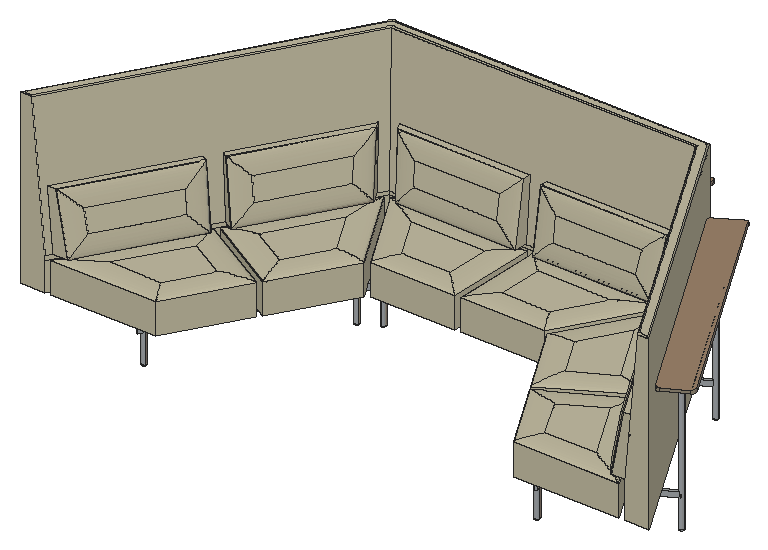
Revit family "Reveal High Back 980-173AS", category Furniture, Revit 2016
Family settings
  OmniClass Number = 23.40.20.00
  OmniClass Title = General Furniture and Specialties
  Work Plane-Based = No
  Always vertical = Yes
  Cut with Voids When Loaded = No
  Shared = No
  Room Calculation Point = No
Parameters
  URL = "http://www.martinbrattrud.com"
  Table Top [instance] = MB Wood Cherry
  SCS Certified Product = "Yes"
  Model = "Reveal 980-173AS"
  Manufacturer = "Martin Brattrud, Inc."
  Leg = none
  Keynote = "125000"
  Copyright = "© 2013 Martin Brattrud, Inc."
  Chair [instance] = none
  Back Cushion [instance] = none
  Authoring Version = "Revit Architecture 2010"
  Assembly Code = "E2020200"
Reference planes
  plane 1 "Center Front/Back": y = 0
  plane 2: z = 0
  plane 3 "Center Left/Right": x = 0
Forms (mm)
  Sweep 1, solid, material <- "Chair"
    path in 3D
      loop
        line (2035.136, -1442.448, 1365.25) -> (1013.827, 326.51, 1365.25) -> (-1013.827, 326.51, 1365.25) -> (-2035.136, -1442.448, 1365.25)
    profile origin (0, 326.51, 1365.25) x (0, -1, 0) y (0, 0, 1)
      loop
        line (-7.144, 6.35) -> (-56.78, 6.35)
        arc (-56.78, 6.35) -> (-61.27, 4.49) -> (-63.13, 0) r 6.35
        line (-63.13, 0) -> (-0.794, 0)
        arc (-0.794, 0) -> (-2.654, 4.49) -> (-7.144, 6.35) r 6.35
  Sweep 2, solid, material <- "Chair"
    path in 3D
      loop
        line (-19.05, -390.525, 431.8) -> (-19.05, 212.725, 431.8) -> (-926.137, 212.725, 431.8) -> (-577.85, -390.525, 431.8) -> (-19.05, -390.525, 431.8)
    profile origin (-298.45, -390.525, 431.8) x (0, 1, 0) y (0, 0, 1)
      loop
        line (153.194, 0) -> (153.194, 19.05)
        spline (153.194, 19.05) -> (133.302, 18.887) -> (113.75, 18.401) -> (94.873, 17.6) -> (76.994, 16.498) -> (60.419, 15.113) -> (45.431, 13.47) -> (32.287, 11.597) -> (21.211, 9.525) -> (12.395, 7.29) -> (5.987, 4.931) -> (2.098, 2.487) -> (0.794, 0)
        line (0.794, 0) -> (153.194, 0)
  Extrusion 3, void
    sketch origin (0, -938.609, 558.8) x (0, 1, 0) y (0, 0, 1)
      loop
        line (-471.831, 806.45) -> (-471.037, 806.45)
        arc (-471.037, 806.45) -> (-469.178, 810.94) -> (-464.687, 812.8) r 6.35
        line (-464.687, 812.8) -> (-464.687, 819.15) -> (-560.731, 819.15) -> (-560.731, -330.2) -> (-471.831, -330.2) -> (-471.831, 806.45)
    from -2133.6 to 2133.6
  Extrusion 4, solid, material <- "Leg"
    sketch origin (0, 0, 0) x (1, 0, 0) y (0, 1, 0)
      loop
        line (-603.25, 492.125) -> (-603.25, 146.05) -> (-909.639, 146.05) -> (-1062.833, -119.29) -> (-1362.543, 53.747) -> (-1372.068, 37.249) -> (-1072.358, -135.788) -> (-1656.558, -1147.652) -> (-1956.268, -974.615) -> (-1965.793, -991.113) -> (-1319.63, -1364.175) -> (-1333.917, -1388.922) -> (-1317.419, -1398.447) -> (-667.671, -273.05) -> (667.671, -273.05) -> (1317.419, -1398.447) -> (1333.917, -1388.922) -> (1319.63, -1364.175) -> (1965.793, -991.113) -> (1956.268, -974.615) -> (1656.558, -1147.652) -> (1072.358, -135.788) -> (1372.068, 37.249) -> (1362.543, 53.747) -> (1062.833, -119.29) -> (909.639, 146.05) -> (603.25, 146.05) -> (603.25, 492.125) -> (584.2, 492.125) -> (584.2, 146.05) -> (-584.2, 146.05) -> (-584.2, 492.125) -> (-603.25, 492.125)
      loop
        line (-584.2, -254) -> (-127, -254) -> (-127, 127) -> (-584.2, 127) -> (-584.2, -254)
      loop
        line (-603.25, -254) -> (-603.25, 127) -> (-898.64, 127) -> (-1046.335, -128.815) -> (-716.38, -319.315) -> (-678.67, -254) -> (-603.25, -254)
      loop
        line (-107.95, 127) -> (-107.95, -254) -> (107.95, -254) -> (107.95, 127) -> (-107.95, 127)
      loop
        line (584.2, -254) -> (584.2, 127) -> (127, 127) -> (127, -254) -> (584.2, -254)
      loop
        line (-725.905, -335.813) -> (-1055.86, -145.313) -> (-1284.46, -541.26) -> (-954.505, -731.76) -> (-725.905, -335.813)
      loop
        line (-1401.935, -744.733) -> (-1071.98, -935.233) -> (-964.03, -748.258) -> (-1293.985, -557.758) -> (-1401.935, -744.733)
      loop
        line (-1081.505, -951.731) -> (-1411.46, -761.231) -> (-1640.06, -1157.177) -> (-1310.105, -1347.677) -> (-1081.505, -951.731)
      loop
        line (603.25, -254) -> (678.67, -254) -> (716.38, -319.315) -> (1046.335, -128.815) -> (898.64, 127) -> (603.25, 127) -> (603.25, -254)
      loop
        line (725.905, -335.813) -> (954.505, -731.76) -> (1284.46, -541.26) -> (1055.86, -145.313) -> (725.905, -335.813)
      loop
        line (1401.935, -744.733) -> (1293.985, -557.758) -> (964.03, -748.258) -> (1071.98, -935.233) -> (1401.935, -744.733)
      loop
        line (1081.505, -951.731) -> (1310.105, -1347.677) -> (1640.06, -1157.177) -> (1411.46, -761.231) -> (1081.505, -951.731)
    from 190.472 to 228.6
  Extrusion 5, solid, material <- "Leg"
    sketch origin (0, 0, 0) x (1, 0, 0) y (0, 1, 0)
      loop
        line (-584.2, 276.225) -> (584.2, 276.225) -> (584.2, 352.425) -> (-584.2, 352.425) -> (-584.2, 276.225)
      loop
        line (-1769.293, -1082.565) -> (-1185.093, -70.701) -> (-1251.084, -32.601) -> (-1835.284, -1044.465) -> (-1769.293, -1082.565)
      loop
        line (1769.293, -1082.565) -> (1835.284, -1044.465) -> (1251.084, -32.601) -> (1185.093, -70.701) -> (1769.293, -1082.565)
    from 203.2 to 228.6
  Sweep 6, solid, material <- "Chair"
    path origin (0, 0, 0) x (1, 0, 0) y (0, 1, 0)
      loop
        line (2090.574, -1410.441) -> (1050.786, 390.525) -> (-1050.786, 390.525) -> (-2090.574, -1410.441)
    profile origin (0, 390.525, 0) x (0, -1, 0) y (0, 0, 1)
      loop
        line (0, 1365.25) -> (0, 228.6) -> (139.7, 228.6) -> (139.7, 419.466)
        arc (139.7, 419.466) -> (139.451, 431.792) -> (138.703, 444.098) r 304.8
        line (138.703, 444.098) -> (64.015, 1365.25) -> (0, 1365.25)
  Extrusion 7, solid, material <- "Chair"
    sketch origin (0, 0, 0) x (1, 0, 0) y (0, 1, 0)
      loop
        line (-1431.725, -624.881) -> (-1885.269, -1410.441) -> (-1188.696, -1410.441) -> (-909.296, -926.506) -> (-1431.725, -624.881)
      loop
        line (-610.846, -409.575) -> (-959.132, 193.675) -> (-1412.675, -591.885) -> (-890.246, -893.51) -> (-610.846, -409.575)
      loop
        line (-926.137, 212.725) -> (-577.85, -390.525) -> (-19.05, -390.525) -> (-19.05, 212.725) -> (-926.137, 212.725)
      loop
        line (1431.725, -624.881) -> (909.296, -926.506) -> (1188.696, -1410.441) -> (1885.269, -1410.441) -> (1431.725, -624.881)
      loop
        line (610.846, -409.575) -> (890.246, -893.51) -> (1412.675, -591.885) -> (959.132, 193.675) -> (610.846, -409.575)
      loop
        line (926.137, 212.725) -> (19.05, 212.725) -> (19.05, -390.525) -> (577.85, -390.525) -> (926.137, 212.725)
    from 228.6 to 431.8
  Extrusion 8, solid, material <- "Chair"
    sketch origin (0, 0, 0) x (1, 0, 0) y (0, 1, 0)
      loop
        line (-660.797, 59.531) -> (-489.404, -237.331) -> (-172.244, -237.331) -> (-172.244, 59.531) -> (-660.797, 59.531)
    from 431.8 to 450.85
  Sweep 9, solid, material <- "Chair"
    path in 3D
      loop
        line (19.05, -390.525, 431.8) -> (19.05, 212.725, 431.8) -> (926.137, 212.725, 431.8) -> (577.85, -390.525, 431.8) -> (19.05, -390.525, 431.8)
    profile origin (298.45, -390.525, 431.8) x (0, -1, 0) y (0, 0, 1)
      loop
        line (-153.194, 0) -> (-0.794, 0)
        spline (-0.794, 0) -> (-2.098, 2.487) -> (-5.987, 4.931) -> (-12.395, 7.29) -> (-21.211, 9.525) -> (-32.287, 11.597) -> (-45.431, 13.47) -> (-60.419, 15.113) -> (-76.994, 16.498) -> (-94.873, 17.6) -> (-113.75, 18.401) -> (-133.302, 18.887) -> (-153.194, 19.05)
        line (-153.194, 19.05) -> (-153.194, 0)
  Extrusion 10, solid, material <- "Chair"
    sketch origin (0, 0, 0) x (-1, 0, 0) y (0, -1, 0)
      loop
        line (-660.797, -59.531) -> (-172.244, -59.531) -> (-172.244, 237.331) -> (-489.404, 237.331) -> (-660.797, -59.531)
    from 431.8 to 450.85
  Sweep 11, solid, material <- "Chair"
    path in 3D
      loop
        line (-909.296, -926.506, 431.8) -> (-1431.725, -624.881, 431.8) -> (-1885.269, -1410.441, 431.8) -> (-1188.696, -1410.441, 431.8) -> (-909.296, -926.506, 431.8)
    profile origin (-1048.996, -1168.473, 431.8) x (-0.866025, 0.5, 0) y (0, 0, 1)
      loop
        line (153.194, 0) -> (153.194, 19.05)
        spline (153.194, 19.05) -> (133.302, 18.887) -> (113.75, 18.401) -> (94.873, 17.6) -> (76.994, 16.498) -> (60.419, 15.113) -> (45.431, 13.47) -> (32.287, 11.597) -> (21.211, 9.525) -> (12.395, 7.29) -> (5.987, 4.931) -> (2.098, 2.487) -> (0.794, 0)
        line (0.794, 0) -> (153.194, 0)
  Extrusion 12, solid, material <- "Chair"
    sketch origin (-1237.975, -714.745, 0) x (0.5, 0.866025, 0) y (-0.866025, 0.5, 0)
      loop
        line (-660.797, 59.531) -> (-489.404, -237.331) -> (-172.244, -237.331) -> (-172.244, 59.531) -> (-660.797, 59.531)
    from 431.8 to 450.85
  Sweep 13, solid, material <- "Chair"
    path in 3D
      loop
        line (-890.246, -893.51, 431.8) -> (-1412.675, -591.885, 431.8) -> (-959.132, 193.675, 431.8) -> (-610.846, -409.575, 431.8) -> (-890.246, -893.51, 431.8)
    profile origin (-750.546, -651.542, 431.8) x (0.866025, -0.5, 0) y (0, 0, 1)
      loop
        line (-153.194, 0) -> (-0.794, 0)
        spline (-0.794, 0) -> (-2.098, 2.487) -> (-5.987, 4.931) -> (-12.395, 7.29) -> (-21.211, 9.525) -> (-32.287, 11.597) -> (-45.431, 13.47) -> (-60.419, 15.113) -> (-76.994, 16.498) -> (-94.873, 17.6) -> (-113.75, 18.401) -> (-133.302, 18.887) -> (-153.194, 19.05)
        line (-153.194, 19.05) -> (-153.194, 0)
  Extrusion 14, solid, material <- "Chair"
    sketch origin (-1237.975, -714.745, 0) x (-0.5, -0.866025, 0) y (0.866025, -0.5, 0)
      loop
        line (-660.797, -59.531) -> (-172.244, -59.531) -> (-172.244, 237.331) -> (-489.404, 237.331) -> (-660.797, -59.531)
    from 431.8 to 450.85
  Sweep 15, solid, material <- "Chair"
    path in 3D
      loop
        line (909.296, -926.506, 431.8) -> (1431.725, -624.881, 431.8) -> (1885.269, -1410.441, 431.8) -> (1188.696, -1410.441, 431.8) -> (909.296, -926.506, 431.8)
    profile origin (1048.996, -1168.473, 431.8) x (-0.866025, -0.5, 0) y (0, 0, 1)
      loop
        line (-153.194, 0) -> (-0.794, 0)
        spline (-0.794, 0) -> (-2.098, 2.487) -> (-5.987, 4.931) -> (-12.395, 7.29) -> (-21.211, 9.525) -> (-32.287, 11.597) -> (-45.431, 13.47) -> (-60.419, 15.113) -> (-76.994, 16.498) -> (-94.873, 17.6) -> (-113.75, 18.401) -> (-133.302, 18.887) -> (-153.194, 19.05)
        line (-153.194, 19.05) -> (-153.194, 0)
  Extrusion 16, solid, material <- "Chair"
    sketch origin (1237.975, -714.745, 0) x (-0.5, 0.866025, 0) y (-0.866025, -0.5, 0)
      loop
        line (-660.797, -59.531) -> (-172.244, -59.531) -> (-172.244, 237.331) -> (-489.404, 237.331) -> (-660.797, -59.531)
    from 431.8 to 450.85
  Sweep 17, solid, material <- "Chair"
    path in 3D
      loop
        line (890.246, -893.51, 431.8) -> (1412.675, -591.885, 431.8) -> (959.132, 193.675, 431.8) -> (610.846, -409.575, 431.8) -> (890.246, -893.51, 431.8)
    profile origin (750.546, -651.542, 431.8) x (0.866025, 0.5, 0) y (0, 0, 1)
      loop
        line (153.194, 0) -> (153.194, 19.05)
        spline (153.194, 19.05) -> (133.302, 18.887) -> (113.75, 18.401) -> (94.873, 17.6) -> (76.994, 16.498) -> (60.419, 15.113) -> (45.431, 13.47) -> (32.287, 11.597) -> (21.211, 9.525) -> (12.395, 7.29) -> (5.987, 4.931) -> (2.098, 2.487) -> (0.794, 0)
        line (0.794, 0) -> (153.194, 0)
  Extrusion 18, solid, material <- "Chair"
    sketch origin (1237.975, -714.745, 0) x (0.5, -0.866025, 0) y (0.866025, 0.5, 0)
      loop
        line (-660.797, 59.531) -> (-489.404, -237.331) -> (-172.244, -237.331) -> (-172.244, 59.531) -> (-660.797, 59.531)
    from 431.8 to 450.85
  Sweep 19, solid, material <- "Chair"
    path origin (0, 0, 0) x (1, 0, 0) y (0, 1, 0)
      loop
        line (-1965.11, -1372.341) -> (-999.053, 300.919) -> (999.053, 300.919) -> (1965.11, -1372.341)
    profile origin (0, 300.919, 0) x (0, 1, 0) y (0, 0, 1)
      loop
        line (-48.848, 447.17) -> (-16.628, 844.552) -> (-67.428, 844.552) -> (-136.165, 447.17) -> (-48.848, 447.17)
  Extrusion 20, void
    sketch origin (0, 0, 0) x (1, 0, 0) y (0, 1, 0)
      loop
        line (-1527.154, -613.779) -> (-1401.282, -686.451) -> (-1344.132, -587.464) -> (-1470.004, -514.792) -> (-1527.154, -613.779)
      loop
        line (-930.152, 67.28) -> (-831.165, 124.43) -> (-950.632, 331.352) -> (-1049.618, 274.202) -> (-930.152, 67.28)
      loop
        line (-1797.28, -1372.341) -> (-1968.73, -1372.341) -> (-1968.73, -1467.591) -> (-1797.28, -1467.591) -> (-1797.28, -1372.341)
      loop
        line (1527.154, -613.779) -> (1470.004, -514.792) -> (1344.132, -587.464) -> (1401.282, -686.451) -> (1527.154, -613.779)
      loop
        line (930.152, 67.28) -> (1049.618, 274.202) -> (950.632, 331.352) -> (831.165, 124.43) -> (930.152, 67.28)
      loop
        line (1797.28, -1372.341) -> (1797.28, -1467.591) -> (1968.73, -1467.591) -> (1968.73, -1372.341) -> (1797.28, -1372.341)
      loop
        line (-57.15, 300.919) -> (-57.15, 155.575) -> (57.15, 155.575) -> (57.15, 300.919) -> (-57.15, 300.919)
    from 447.17 to 844.552
  Sweep 21, solid, material <- "Chair"
    path in 3D
      loop
        line (-894.132, 233.491, 844.552) -> (-854.447, 164.755, 447.17) -> (-57.15, 164.755, 447.17) -> (-57.15, 233.491, 844.552) -> (-894.132, 233.491, 844.552)
    profile origin (-475.641, 233.491, 844.552) x (0, -1, 0) y (0, 0, 1)
      loop
        line (0.135, -0.782) -> (25.975, -150.17) -> (41.618, -147.464) -> (37.424, -123.218)
        spline (37.424, -123.218) -> (34.465, -106.907) -> (31.289, -90.921) -> (27.95, -75.534) -> (24.505, -61.01) -> (21.014, -47.596) -> (17.536, -35.522) -> (14.131, -24.995) -> (10.857, -16.195) -> (7.769, -9.273) -> (4.921, -4.346) -> (2.362, -1.5) -> (0.135, -0.782)
  Sweep 22, solid, material <- "Chair"
    path in 3D
      loop
        line (209.55, 190.73, 597.34) -> (209.55, 175.088, 600.046)
    profile origin (209.55, 182.909, 598.693) x (0, -0.170442, -0.985368) y (1, 0, 0)
      loop
        line (0, 0) -> (0, 506.758) -> (-98.483, 516.449) -> (-98.483, 0) -> (0, 0)
  Sweep 23, solid, material <- "Chair"
    path in 3D
      loop
        line (-1298.377, -437.905, 597.34) -> (-1284.83, -445.726, 600.046)
    profile origin (-1291.604, -441.815, 598.693) x (0.147607, -0.085221, -0.985368) y (0.5, 0.866025, 0)
      loop
        line (0, 0) -> (0, 506.758) -> (-98.483, 516.449) -> (-98.483, 0) -> (0, 0)
  Sweep 24, solid, material <- "Chair"
    path in 3D
      loop
        line (1284.83, -445.726, 600.046) -> (1298.377, -437.905, 597.34)
    profile origin (1291.604, -441.815, 598.693) x (-0.147607, -0.085221, -0.985368) y (-0.5, 0.866025, 0)
      loop
        line (0, 0) -> (0, 506.758) -> (-98.483, 516.449) -> (-98.483, 0) -> (0, 0)
  Sweep 25, solid, material <- "Chair"
    path in 3D
      loop
        line (-209.55, 190.73, 597.34) -> (-209.55, 175.088, 600.046)
    profile origin (-209.55, 182.909, 598.693) x (0, 0.170442, 0.985368) y (-1, 0, 0)
      loop
        line (0, 0) -> (98.483, 0) -> (98.483, 516.449) -> (0, 506.758) -> (0, 0)
  Sweep 26, solid, material <- "Chair"
    path in 3D
      loop
        line (-1507.927, -800.856, 597.34) -> (-1494.38, -808.677, 600.046)
    profile origin (-1501.154, -804.766, 598.693) x (0, 0.326935, 0.945047) y (-0.521333, -0.806459, 0.278991)
      loop
        line (0, 0) -> (94.453, 27.884) -> (-51.772, 523.2) -> (-143.48, 486.021) -> (0, 0)
  Sweep 27, solid, material <- "Chair"
    path in 3D
      loop
        line (1507.927, -800.856, 597.34) -> (1494.38, -808.677, 600.046)
    profile origin (1501.154, -804.766, 598.693) x (0, -0.326935, -0.945047) y (0.521333, -0.806459, 0.278991)
      loop
        line (0, 0) -> (143.48, 486.021) -> (51.772, 523.2) -> (-94.453, 27.884) -> (0, 0)
  Sweep 28, solid, material <- "Chair"
    path in 3D
      loop
        line (894.132, 233.491, 844.552) -> (854.447, 164.755, 447.17) -> (57.15, 164.755, 447.17) -> (57.15, 233.491, 844.552) -> (894.132, 233.491, 844.552)
    profile origin (475.641, 233.491, 844.552) x (0, 1, 0) y (0, 0, 1)
      loop
        spline (-0.135, -0.782) -> (-2.362, -1.5) -> (-4.921, -4.346) -> (-7.769, -9.273) -> (-10.857, -16.195) -> (-14.131, -24.995) -> (-17.536, -35.522) -> (-21.014, -47.596) -> (-24.505, -61.01) -> (-27.95, -75.534) -> (-31.289, -90.921) -> (-34.465, -106.907) -> (-37.424, -123.218)
        line (-37.424, -123.218) -> (-41.618, -147.464) -> (-25.975, -150.17) -> (-0.135, -0.782)
  Sweep 29, solid, material <- "Chair"
    path in 3D
      loop
        line (-1887.25, -1372.341, 844.552) -> (-1807.881, -1372.341, 447.17) -> (-1409.232, -681.861, 447.17) -> (-1468.759, -647.493, 844.552) -> (-1887.25, -1372.341, 844.552)
    profile origin (-1678.005, -1009.917, 844.552) x (0.866025, -0.5, 0) y (0, 0, 1)
      loop
        line (0.135, -0.782) -> (25.975, -150.17) -> (41.618, -147.464) -> (37.424, -123.218)
        spline (37.424, -123.218) -> (34.465, -106.907) -> (31.289, -90.921) -> (27.95, -75.534) -> (24.505, -61.01) -> (21.014, -47.596) -> (17.536, -35.522) -> (14.131, -24.995) -> (10.857, -16.195) -> (7.769, -9.273) -> (4.921, -4.346) -> (2.362, -1.5) -> (0.135, -0.782)
  Sweep 30, solid, material <- "Chair"
    path in 3D
      loop
        line (-993.119, 176.341, 844.552) -> (-953.434, 107.605, 447.17) -> (-1352.082, -582.874, 447.17) -> (-1411.609, -548.506, 844.552) -> (-993.119, 176.341, 844.552)
    profile origin (-1202.364, -186.083, 844.552) x (-0.866025, 0.5, 0) y (0, 0, 1)
      loop
        spline (-0.135, -0.782) -> (-2.362, -1.5) -> (-4.921, -4.346) -> (-7.769, -9.273) -> (-10.857, -16.195) -> (-14.131, -24.995) -> (-17.536, -35.522) -> (-21.014, -47.596) -> (-24.505, -61.01) -> (-27.95, -75.534) -> (-31.289, -90.921) -> (-34.465, -106.907) -> (-37.424, -123.218)
        line (-37.424, -123.218) -> (-41.618, -147.464) -> (-25.975, -150.17) -> (-0.135, -0.782)
  Sweep 31, solid, material <- "Chair"
    path in 3D
      loop
        line (993.119, 176.341, 844.552) -> (953.434, 107.605, 447.17) -> (1352.082, -582.874, 447.17) -> (1411.609, -548.506, 844.552) -> (993.119, 176.341, 844.552)
    profile origin (1202.364, -186.083, 844.552) x (-0.866025, -0.5, 0) y (0, 0, 1)
      loop
        line (0.135, -0.782) -> (25.975, -150.17) -> (41.618, -147.464) -> (37.424, -123.218)
        spline (37.424, -123.218) -> (34.465, -106.907) -> (31.289, -90.921) -> (27.95, -75.534) -> (24.505, -61.01) -> (21.014, -47.596) -> (17.536, -35.522) -> (14.131, -24.995) -> (10.857, -16.195) -> (7.769, -9.273) -> (4.921, -4.346) -> (2.362, -1.5) -> (0.135, -0.782)
  Sweep 32, solid, material <- "Chair"
    path in 3D
      loop
        line (1887.25, -1372.341, 844.552) -> (1807.881, -1372.341, 447.17) -> (1409.232, -681.861, 447.17) -> (1468.759, -647.493, 844.552) -> (1887.25, -1372.341, 844.552)
    profile origin (1678.005, -1009.917, 844.552) x (0.866025, 0.5, 0) y (0, 0, 1)
      loop
        spline (-0.135, -0.782) -> (-2.362, -1.5) -> (-4.921, -4.346) -> (-7.769, -9.273) -> (-10.857, -16.195) -> (-14.131, -24.995) -> (-17.536, -35.522) -> (-21.014, -47.596) -> (-24.505, -61.01) -> (-27.95, -75.534) -> (-31.289, -90.921) -> (-34.465, -106.907) -> (-37.424, -123.218)
        line (-37.424, -123.218) -> (-41.618, -147.464) -> (-25.975, -150.17) -> (-0.135, -0.782)
  Extrusion 33, solid, material "MB Wood Cherry" <- "Table Top"
    sketch origin (0, 0, 0) x (1, 0, 0) y (0, 1, 0)
      loop
        line (-1331.241, 361.964) -> (-2217.066, -1172.33)
        arc (-2217.066, -1172.33) -> (-2219.603, -1191.604) -> (-2207.769, -1207.027) r 25.4
        line (-2207.769, -1207.027) -> (-2064.788, -1289.577)
        arc (-2064.788, -1289.577) -> (-2045.514, -1292.114) -> (-2030.091, -1280.28) r 25.4
        line (-2030.091, -1280.28) -> (-1144.266, 254.014)
        arc (-1144.266, 254.014) -> (-1141.728, 273.288) -> (-1153.563, 288.711) r 25.4
        line (-1153.563, 288.711) -> (-1296.544, 371.261)
        arc (-1296.544, 371.261) -> (-1315.818, 373.799) -> (-1331.241, 361.964) r 25.4
      loop
        line (885.825, 619.125) -> (-885.825, 619.125)
        arc (-885.825, 619.125) -> (-903.786, 611.686) -> (-911.225, 593.725) r 25.4
        line (-911.225, 593.725) -> (-911.225, 428.625)
        arc (-911.225, 428.625) -> (-903.786, 410.664) -> (-885.825, 403.225) r 25.4
        line (-885.825, 403.225) -> (885.825, 403.225)
        arc (885.825, 403.225) -> (903.786, 410.664) -> (911.225, 428.625) r 25.4
        line (911.225, 428.625) -> (911.225, 593.725)
        arc (911.225, 593.725) -> (903.786, 611.686) -> (885.825, 619.125) r 25.4
      loop
        line (2217.066, -1172.33) -> (1331.241, 361.964)
        arc (1331.241, 361.964) -> (1315.818, 373.799) -> (1296.544, 371.261) r 25.4
        line (1296.544, 371.261) -> (1153.563, 288.711)
        arc (1153.563, 288.711) -> (1141.728, 273.288) -> (1144.266, 254.014) r 25.4
        line (1144.266, 254.014) -> (2030.091, -1280.28)
        arc (2030.091, -1280.28) -> (2045.514, -1292.114) -> (2064.788, -1289.577) r 25.4
        line (2064.788, -1289.577) -> (2207.769, -1207.027)
        arc (2207.769, -1207.027) -> (2219.603, -1191.604) -> (2217.066, -1172.33) r 25.4
    from 990.6 to 1009.65
  Extrusion 34, solid, material <- "Leg"
    sketch origin (0, 0, 0) x (1, 0, 0) y (0, 1, 0)
      loop
        line (603.25, 492.125) -> (584.2, 492.125) -> (584.2, 389.64) -> (603.25, 389.64) -> (603.25, 492.125)
      loop
        line (-603.25, 492.125) -> (-603.25, 389.64) -> (-584.2, 389.64) -> (-584.2, 492.125) -> (-603.25, 492.125)
      loop
        line (-1362.543, 53.747) -> (-1372.068, 37.249) -> (-1283.313, -13.993) -> (-1273.788, 2.504) -> (-1362.543, 53.747)
      loop
        line (-1965.793, -991.113) -> (-1877.038, -1042.355) -> (-1867.513, -1025.858) -> (-1956.268, -974.615) -> (-1965.793, -991.113)
      loop
        line (1362.543, 53.747) -> (1273.788, 2.504) -> (1283.313, -13.993) -> (1372.068, 37.249) -> (1362.543, 53.747)
      loop
        line (1965.793, -991.113) -> (1956.268, -974.615) -> (1867.513, -1025.858) -> (1877.038, -1042.355) -> (1965.793, -991.113)
    from 949.325 to 987.425
  Extrusion 35, solid, material <- "Leg"
    sketch origin (0, 0, 0) x (1, 0, 0) y (0, 1, 0)
      loop
        line (885.825, 593.725) -> (-885.825, 593.725) -> (-885.825, 428.625) -> (885.825, 428.625) -> (885.825, 593.725)
      loop
        line (-1309.244, 349.264) -> (-2195.069, -1185.03) -> (-2052.088, -1267.58) -> (-1166.263, 266.714) -> (-1309.244, 349.264)
      loop
        line (1309.244, 349.264) -> (1166.263, 266.714) -> (2052.088, -1267.58) -> (2195.069, -1185.03) -> (1309.244, 349.264)
    from 987.434 to 990.609
Cuts and joins
  Extrusion 3 cuts Sweep 6
  Extrusion 3 cuts Sweep 1
  Extrusion 20 cuts Sweep 19
  joined: Sweep 15, Extrusion 16
  joined: Sweep 17, Extrusion 18
  joined: Sweep 9, Extrusion 10
  joined: Sweep 2, Extrusion 8
  joined: Sweep 13, Extrusion 14
  joined: Sweep 11, Extrusion 12
  joined: Sweep 26, Sweep 29
  joined: Sweep 23, Sweep 30
  joined: Sweep 21, Sweep 25
  joined: Sweep 22, Sweep 28
  joined: Sweep 24, Sweep 31
  joined: Sweep 27, Sweep 32
Lines and regions (mm)
  sketch lines
    curve 1: line (1013.827, 326.51, 1365.25) -> (-1013.827, 326.51, 1365.25)
    curve 2: line (-1013.827, 326.51, 1365.25) -> (-2035.136, -1442.448, 1365.25)
    curve 3: line (2035.136, -1442.448, 1365.25) -> (1013.827, 326.51, 1365.25)
    curve 4: line (-577.85, -390.525, 431.8) -> (-19.05, -390.525, 431.8)
    curve 5: line (-926.137, 212.725, 431.8) -> (-577.85, -390.525, 431.8)
    curve 6: line (-19.05, 212.725, 431.8) -> (-926.137, 212.725, 431.8)
    curve 7: line (-19.05, -390.525, 431.8) -> (-19.05, 212.725, 431.8)
    curve 8: line (577.85, -390.525, 431.8) -> (19.05, -390.525, 431.8)
    curve 9: line (926.137, 212.725, 431.8) -> (577.85, -390.525, 431.8)
    curve 10: line (19.05, 212.725, 431.8) -> (926.137, 212.725, 431.8)
    curve 11: line (19.05, -390.525, 431.8) -> (19.05, 212.725, 431.8)
    curve 12: line (-1188.696, -1410.441, 431.8) -> (-909.296, -926.506, 431.8)
    curve 13: line (-1885.269, -1410.441, 431.8) -> (-1188.696, -1410.441, 431.8)
    curve 14: line (-1431.725, -624.881, 431.8) -> (-1885.269, -1410.441, 431.8)
    curve 15: line (-909.296, -926.506, 431.8) -> (-1431.725, -624.881, 431.8)
    curve 16: line (-610.846, -409.575, 431.8) -> (-890.246, -893.51, 431.8)
    curve 17: line (-959.132, 193.675, 431.8) -> (-610.846, -409.575, 431.8)
    curve 18: line (-1412.675, -591.885, 431.8) -> (-959.132, 193.675, 431.8)
    curve 19: line (-890.246, -893.51, 431.8) -> (-1412.675, -591.885, 431.8)
    curve 20: line (1188.696, -1410.441, 431.8) -> (909.296, -926.506, 431.8)
    curve 21: line (1885.269, -1410.441, 431.8) -> (1188.696, -1410.441, 431.8)
    curve 22: line (1431.725, -624.881, 431.8) -> (1885.269, -1410.441, 431.8)
    curve 23: line (909.296, -926.506, 431.8) -> (1431.725, -624.881, 431.8)
    curve 24: line (610.846, -409.575, 431.8) -> (890.246, -893.51, 431.8)
    curve 25: line (959.132, 193.675, 431.8) -> (610.846, -409.575, 431.8)
    curve 26: line (1412.675, -591.885, 431.8) -> (959.132, 193.675, 431.8)
    curve 27: line (890.246, -893.51, 431.8) -> (1412.675, -591.885, 431.8)
    curve 28: line (-57.15, 233.491, 844.552) -> (-894.132, 233.491, 844.552)
    curve 29: line (-854.447, 164.755, 447.17) -> (-894.132, 233.491, 844.552)
    curve 30: line (-57.15, 164.755, 447.17) -> (-854.447, 164.755, 447.17)
    curve 31: line (-57.15, 233.491, 844.552) -> (-57.15, 164.755, 447.17)
    curve 32: line (209.55, 190.73, 597.34) -> (209.55, 175.088, 600.046)
    curve 33: line (-1298.377, -437.905, 597.34) -> (-1284.83, -445.726, 600.046)
    curve 34: line (1284.83, -445.726, 600.046) -> (1298.377, -437.905, 597.34)
    curve 35: line (-209.55, 190.73, 597.34) -> (-209.55, 175.088, 600.046)
    curve 36: line (-1507.927, -800.856, 597.34) -> (-1494.38, -808.677, 600.046)
    curve 37: line (1507.927, -800.856, 597.34) -> (1494.38, -808.677, 600.046)
    curve 38: line (57.15, 233.491, 844.552) -> (894.132, 233.491, 844.552)
    curve 39: line (854.447, 164.755, 447.17) -> (894.132, 233.491, 844.552)
    curve 40: line (57.15, 164.755, 447.17) -> (854.447, 164.755, 447.17)
    curve 41: line (57.15, 233.491, 844.552) -> (57.15, 164.755, 447.17)
    curve 42: line (-1468.759, -647.493, 844.552) -> (-1887.25, -1372.341, 844.552)
    curve 43: line (-1807.881, -1372.341, 447.17) -> (-1887.25, -1372.341, 844.552)
    curve 44: line (-1409.232, -681.861, 447.17) -> (-1807.881, -1372.341, 447.17)
    curve 45: line (-1468.759, -647.493, 844.552) -> (-1409.232, -681.861, 447.17)
    curve 46: line (-1411.609, -548.506, 844.552) -> (-993.119, 176.341, 844.552)
    curve 47: line (-953.434, 107.605, 447.17) -> (-993.119, 176.341, 844.552)
    curve 48: line (-1352.082, -582.874, 447.17) -> (-953.434, 107.605, 447.17)
    curve 49: line (-1411.609, -548.506, 844.552) -> (-1352.082, -582.874, 447.17)
    curve 50: line (1411.609, -548.506, 844.552) -> (993.119, 176.341, 844.552)
    curve 51: line (953.434, 107.605, 447.17) -> (993.119, 176.341, 844.552)
    curve 52: line (1352.082, -582.874, 447.17) -> (953.434, 107.605, 447.17)
    curve 53: line (1411.609, -548.506, 844.552) -> (1352.082, -582.874, 447.17)
    curve 54: line (1468.759, -647.493, 844.552) -> (1887.25, -1372.341, 844.552)
    curve 55: line (1807.881, -1372.341, 447.17) -> (1887.25, -1372.341, 844.552)
    curve 56: line (1409.232, -681.861, 447.17) -> (1807.881, -1372.341, 447.17)
    curve 57: line (1468.759, -647.493, 844.552) -> (1409.232, -681.861, 447.17)
Nested families
  nested 1: "Reveal Leg" at (593.677, -263.525, 0) x (-1, 0, 0) z (0, 0, 1), type "Reveal Leg"
  nested 2: "Reveal Leg" at (-593.677, -263.525, 0), type "Reveal Leg"
  nested 3: "Reveal Leg" at (-712.917, -332.368, 0) x (-0.5, -0.866, 0) z (0, 0, 1), type "Reveal Leg"
  nested 4: "Reveal Leg" at (-1306.594, -1360.647, 0) x (0.5, 0.866, 0) z (0, 0, 1), type "Reveal Leg"
  nested 5: "Reveal Leg" at (712.917, -332.368, 0) x (0.5, -0.866, 0) z (0, 0, 1), type "Reveal Leg"
  nested 6: "Reveal Leg" at (1306.594, -1360.647, 0) x (-0.5, 0.866, 0) z (0, 0, 1), type "Reveal Leg"
  nested 7: "Reveal Leg LAFS" at (593.725, 495.3, 0), type "Reveal Leg"
  nested 8: "Reveal Leg LAFS" at (-593.725, 495.3, 0) x (-1, 0, 0) z (0, 0, 1), type "Reveal Leg"
  nested 9: "Reveal Leg LAFS" at (-1370.055, 47.086, 0) x (0.5, 0.866, 0) z (0, 0, 1), type "Reveal Leg"
  nested 10: "Reveal Leg LAFS" at (-1963.78, -981.276, 0) x (-0.5, -0.866, 0) z (0, 0, 1), type "Reveal Leg"
  nested 11: "Reveal Leg LAFS" at (1370.055, 47.086, 0) x (-0.5, 0.866, 0) z (0, 0, 1), type "Reveal Leg"
  nested 12: "Reveal Leg LAFS" at (1963.78, -981.276, 0) x (0.5, -0.866, 0) z (0, 0, 1), type "Reveal Leg"
Definition of nested family "Reveal Leg"
  Parameters
    URL = "http://www.martinbrattrud.com"
    SCS Certified Product = ""
    Model = ""
    Leg = none
    Manufacturer = "Martin Brattrud, Inc."
    Keynote = "125000"
    Copyright = "© 2013 Martin Brattrud, Inc."
    Authoring Version = "Revit Architecture 2010"
    Assembly Code = "E2020200"
  Reference planes
    plane 1 "Center Front/Back": y = 0
    plane 2: z = 0
    plane 3 "Center Left/Right": x = 0
    plane 4: z = 228.6
  Forms (mm)
    Revolve 1, solid, material <- "Leg"
      sketch origin (0, 0, 0) x (0, 1, 0) y (0, 0, 1)
        loop
          line (0, 228.6) -> (-15.875, 228.6) -> (-15.875, 6.35) -> (-6.35, 6.35) -> (-6.35, 3.175) -> (-15.875, 3.175) -> (-15.875, 0) -> (0, 0) -> (0, 228.6)
        axis (0, 228.6) -> (0, 0)
      angle from 0 to 360
Definition of nested family "Reveal Leg LAFS"
  Parameters
    URL = "http://www.martinbrattrud.com"
    SCS Certified Product = ""
    Model = ""
    Leg = none
    Manufacturer = "Martin Brattrud, Inc."
    Keynote = "125000"
    Copyright = "© 2013 Martin Brattrud, Inc."
    Authoring Version = "Revit Architecture 2010"
    Assembly Code = "E2020200"
  Reference planes
    plane 1 "Center Front/Back": y = 0
    plane 2: z = 0
    plane 3 "Center Left/Right": x = 0
  Forms (mm)
    Revolve 1, solid, material <- "Leg"
      sketch origin (0, 0, 0) x (0, 1, 0) y (0, 0, 1)
        loop
          line (0, 987.425) -> (-15.875, 987.425) -> (-15.875, 6.35) -> (-6.35, 6.35) -> (-6.35, 3.175) -> (-15.875, 3.175) -> (-15.875, 0) -> (0, 0) -> (0, 987.425)
        axis (0, 987.425) -> (0, 0)
      angle from 0 to 360
